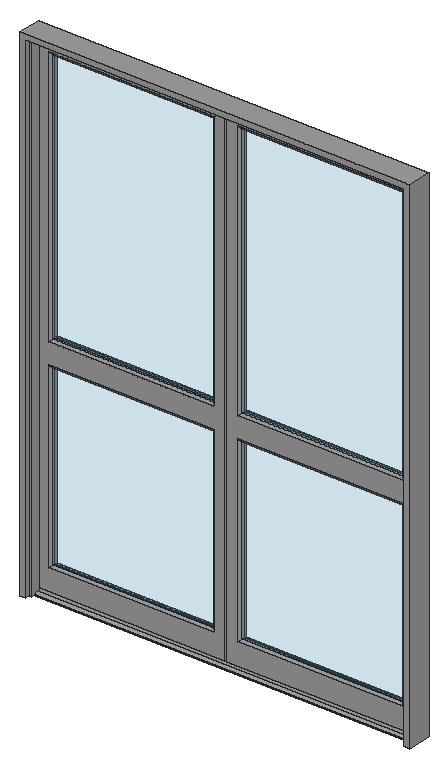
Revit family "NS-212 DOOR-Double-VIP-0.25-CW_v04", category Curtain Panels, Revit 2015
Parameters
  Width [instance] = 5' - 6"
  VIP2 Panic Devices [instance] = not(VIP1 Panic Devices)  # yes
  URL = "obe.com"
  Rough Width [instance] = 6' - 0"
  Panel Width [instance] = Min Panel Width  # 6' - 0"
  Panel Offset [instance] = 0' - 0"
  Offset [instance] = 0' - 0"
  Model = "NS-212 DOOR"
  Min Rough Width [instance] = if(Rough Width > 6' 1 255/256", Rough Width, 6' 2")  # 6' - 2"
  Min Panel Width [instance] = if(Rough Width > 6' 1 255/256", Rough Width - 0' 2", 6' 0")  # 6' - 0"
  Manufacturer = "Oldcastle BuildingEnvelope®"
  Keynote = "08 11 00"
  Hinge [instance] = yes
  Height [instance] = 8' - 0"
  Pushbar Height [instance] = 3' - 5 1/4"  # constant formula
  Glass Material = Glass
  Frame Material = Aluminum
  Door Panel Height [instance] = Height - 0' 0 5/8"  # 7' - 11 3/8"
  Description = "NS-212 - 1/4\" Door Infill"
  Assembly Code = "B2030"
  Analytic Construction = "<None>"
  VIP1 Panic Devices [instance] = no
  6.5 Bottom Rail [instance] = not([4 Bottom Rail])  # no
  4 Bottom Rail [instance] = yes
Reference planes (in)
  plane 1 "Front": y = 0
  plane 2: z = 0
  plane 3 "Center (Left/Right)": x = 0
  plane 4 "Left": x = -33
  plane 5 "Right": x = 33
  plane 6 "Top": z = 96
  plane 7 "Offset": y = 0
  plane 8: y = -1.28244
  plane 9: y = -1.28244
  plane 10: x = -37
  plane 11: x = 37
Forms (in)
  Sweep 1, solid, material "Aluminum" <- "Frame Material"
    path origin (0, 0, 0) x (-1, 0, 0) y (0, 0, 1)
      loop
        line (37, 0) -> (37, 96)
    profile origin (-37, 0, 48) x (1, 0, 0) y (0, 1, 0)
      loop
        line (1, -1.97) -> (1, 0) -> (0, 0) -> (0, -4.5) -> (1, -4.5) -> (1, -3.595) -> (1.5, -3.595) -> (1.5, -1.97) -> (1, -1.97)
  Sweep 2, solid, material "Aluminum" <- "Frame Material"
    path origin (0, 0, 0) x (-1, 0, 0) y (0, 0, 1)
      loop
        line (-37, 0) -> (-37, 96)
    profile origin (37, 0, 48) x (1, 0, 0) y (0, 1, 0)
      loop
        line (-1, -1.97) -> (-1.5, -1.97) -> (-1.5, -3.595) -> (-1, -3.595) -> (-1, -4.5) -> (0, -4.5) -> (0, 0) -> (-1, 0) -> (-1, -1.97)
  Extrusion 3, solid, material "Aluminum" <- "Frame Material"
    sketch origin (-33, 0, 0) x (0, -1, 0) y (0, 0, 1)
      loop
        line (1.97, 94.5) -> (3.595, 94.5) -> (3.595, 95) -> (4.5, 95) -> (4.5, 96) -> (0, 96) -> (0, 95) -> (1.97, 95) -> (1.97, 94.5)
    from -70 to 4
Cuts and joins
  joined: Sweep 1, Sweep 2, Extrusion 3
Text (in)
  text "Exterior" at (-54.29358, 31.38743, 0), in view "Ref. Level"
  text "Exterior" at (480, 41.53993, 89.60405), in view "Right"
  text "Exterior" at (-240, 57.82419, 105.78864), in view "Left"
Dimensions and locks (in)
  equal spacing: plane 4 "Left", plane 3 "Center (Left/Right)", plane 5 "Right"
  "Width": plane 4 "Left" to plane 5 "Right"
  "Height": plane 6 "Top" to plane 2
  "Offset": plane 1 "Front" to plane 7 "Offset"
  locked: plane 7 "Offset" to plane 8 at 1.28244
  locked: plane 7 "Offset" to plane 9 at 1.28244
  Extrusion 3 sketch curve to Extrusion 3 sketch curve to Extrusion 3 sketch curve = 0' - 0 1/2" locked, 0' - 0" locked
  Extrusion 3 sketch curve to Extrusion 3 sketch curve to Extrusion 3 sketch curve to Extrusion 3 sketch curve = 0' - 1.97" locked, 0' - 1 5/8" locked, 0' - 0.905" locked
  equal spacing: plane 10, plane 3 "Center (Left/Right)", plane 11
  "Min Rough Width": plane 10 to plane 11
  aligned and locked: level to plane 2
  aligned and locked: plane 6 "Top" to Sweep 1 sketch curve
  aligned and locked: level to Sweep 1 sketch curve
  aligned and locked: plane 6 "Top" to Sweep 2 sketch curve
  aligned and locked: level to Sweep 2 sketch curve
  aligned and locked: Extrusion 3 to plane 6 "Top"
  aligned and locked: Extrusion 3 sketch curve to plane 6 "Top"
  aligned and locked: plane 3 "Center (Left/Right)" to nested 1
  aligned and locked: nested 1 to plane 7 "Offset"
  aligned and locked: Sweep 1 sketch curve to plane 10
  aligned and locked: plane 11 to Sweep 2 sketch curve
  aligned and locked: cut or joined group of Sweep 1, Sweep 2, Extrusion 3 to plane 11
  aligned and locked: cut or joined group of Sweep 1, Sweep 2, Extrusion 3 to plane 10
Automatic sketch dimensions
  Sweep 1 sketch curve to profile plane = 0' - 0"
  Sweep 1 sketch curve to plane 7 "Offset" = 0' - 0"
  Sweep 1 sketch curve to profile plane = 0' - 1"  (x2)
  Sweep 1 sketch curve to Sweep 1 sketch curve = 0' - 0 1/2"
  Sweep 1 sketch curve to plane 7 "Offset" = 0' - 1.97"
  Sweep 1 sketch curve to Sweep 1 sketch curve = 0' - 1 5/8"
  Sweep 1 sketch curve to Sweep 1 sketch curve = 0' - 0.905"
  Sweep 2 sketch curve to plane 7 "Offset" = 0' - 0"
  Sweep 2 sketch curve to profile plane = 0' - 0"
  profile plane to Sweep 2 sketch curve = 0' - 1"  (x2)
  Sweep 2 sketch curve to Sweep 2 sketch curve = 0' - 0 1/2"
  Sweep 2 sketch curve to plane 7 "Offset" = 0' - 1.97"
  Sweep 2 sketch curve to Sweep 2 sketch curve = 0' - 1 5/8"
  Sweep 2 sketch curve to Sweep 2 sketch curve = 0' - 0.905"
  Extrusion 3 sketch curve to plane 7 "Offset" = 0' - 0"
  plane 6 "Top" to Extrusion 3 sketch curve = 0' - 1"
Nested families (in)
  nested 1: "NS-212 DOOR-Double-VIP-0.25-Panel_v03" at (0, -13, 0), Height <- "Door Panel Height", 4 Bottom Rail <- "4 Bottom Rail", Hinge <- "Hinge", Frame Material <- "Frame Material", Glass Material <- "Glass Material", Width <- "Min Panel Width", VIP1 Panic Devices <- "VIP1 Panic Devices", Offset <- "Panel Offset", type "NS-212 DOOR-Double-VIP-0.25-Panel_v03"
    with Wing Width 3' - 0", built-in parameter 1001301 6' - 0", VIP2 Panic Devices yes, VIP1 Panic Devices no, Pushbar Height 3' - 5 1/4", Offset 0' - 0", Hinge yes, built-in parameter 1001300 7' - 11 3/8", Glass at Muntin 0' - 4 9/16", Glass Material Glass, Frame Material Aluminum, Bottom Rail 0' - 4 31/32", 6.5 Bottom Rail no, 4 Bottom Rail yes
Definition of nested family "NS-212 DOOR-Double-VIP-0.25-Panel_v03"
  Parameters (values of type "NS-212 DOOR-Double-VIP-0.25-Panel_v03")
    Wing Width [instance] = Width / 2  # 3' - 0"
    Width [instance] = 6' - 0"
    VIP2 Panic Devices [instance] = not(VIP1 Panic Devices)  # yes
    VIP1 Panic Devices [instance] = no
    Offset [instance] = 0' - 9.9713"
    Hinge [instance] = yes
    Height [instance] = 8' - 0"
    Glass at Muntin [instance] = if(VIP1 Panic Devices, 0' 8 9/16", 0' 4 9/16")  # 0' - 4 9/16"
    Pushbar Height [instance] = 3' - 5 1/4"  # constant formula
    Glass Material [instance] = none
    Frame Material [instance] = none
    Bottom Rail [instance] = if([4 Bottom Rail], 0' 4 31/32", 0' 7 15/32")  # 0' - 4 31/32"
    6.5 Bottom Rail [instance] = not([4 Bottom Rail])  # no
    4 Bottom Rail [instance] = yes
  Reference planes (in)
    plane 1 "00": y = 2.0912
    plane 2: z = 0
    plane 3 "Center (Left/Right)": x = 0
    plane 4: z = 96
    plane 5: x = 36
    plane 6: x = -36
    plane 7 "Center (Front/Back)": y = 13
    plane 8 "Exterior": y = 2.2162
    plane 9: z = 48
    plane 10: z = 92.96875
    plane 11: z = 92.96875
    plane 12: z = 43.53125
    plane 13: z = 38.96875
    plane 14: z = 4.96875
    plane 15 "Offset": y = 3.0287
    plane 16: z = 41.25
    plane 17: z = 80.96875
  Forms (in)
    Sweep 1, solid, material <- "Frame Material"
      path origin (0, 2.0912, 0) x (1, 0, 0) y (0, 0, 1)
        loop
          line (-35.79321, 96) -> (-0.22004, 96)
      profile origin (-18.00662, 2.0912, 96) x (0, 0, 1) y (0, -1, 0)
        loop
          line (-0.5, -0.875) -> (-0.5, 0.875) -> (-2.74593, 0.875) -> (-3.25, 0.45204) -> (-3.25, 0.125) -> (-3.03125, 0.125) -> (-3.03125, -0.125) -> (-3.25, -0.125) -> (-3.25, -0.45204) -> (-2.74593, -0.875) -> (-0.5, -0.875)
    Sweep 2, solid, material <- "Frame Material"
      path origin (0, 2.0912, 0) x (1, 0, 0) y (0, 0, 1)
        loop
          line (-0.22004, 0) -> (-35.79321, 0)
      profile origin (-18.00662, 2.0912, 0) x (0, 0, -1) y (0, -1, 0)
        loop
          line (-4.68343, -0.875) -> (-0.6875, -0.875) -> (-0.6875, 0.875) -> (-4.68343, 0.875) -> (-5.1875, 0.45204) -> (-5.1875, 0.125) -> (-4.96875, 0.125) -> (-4.96875, -0.125) -> (-5.1875, -0.125) -> (-5.1875, -0.45204) -> (-4.68343, -0.875)
    Sweep 3, solid, material <- "Frame Material"
      path origin (0, 2.0912, 0) x (1, 0, 0) y (0, 0, 1)
        loop
          line (36, 95.5) -> (36, 0.6875)
      profile origin (36, 2.0912, 48.09375) x (0, -1, 0) y (1, 0, 0)
        loop
          line (-0.875, -0.08821) -> (-0.875, -2.20914) -> (-0.45204, -2.71321) -> (-0.125, -2.71321) -> (-0.125, -2.49446) -> (0.125, -2.49446) -> (0.125, -2.71321) -> (0.45204, -2.71321) -> (0.875, -2.20914) -> (0.875, -0.19721) -> (-0.875, -0.08821)
    Sweep 4, solid, material <- "Frame Material"
      path origin (0, 2.0912, 0) x (1, 0, 0) y (0, 0, 1)
        loop
          line (-36, 95.5) -> (-36, 0.6875)
      profile origin (-36, 2.0912, 48.09375) x (0, -1, 0) y (1, 0, 0)
        loop
          line (0.87496, 0.20679) -> (0.87496, 2.21872) -> (0.452, 2.72279) -> (0.12496, 2.72279) -> (0.12496, 2.50404) -> (-0.12504, 2.50404) -> (-0.12504, 2.72279) -> (-0.45208, 2.72279) -> (-0.87504, 2.21872) -> (-0.87504, 0.09779) -> (0.87496, 0.20679)
    Sweep 5, solid, material <- "Frame Material"
      path origin (0, 2.0912, 0) x (1, 0, 0) y (0, 0, 1)
        loop
          line (0, 95.5) -> (0, 0.6875)
      profile origin (0, 2.0912, 48.09375) x (0, -1, 0) y (1, 0, 0)
        loop
          line (-0.875, -0.22004) -> (-0.875, -2.18343) -> (-0.45204, -2.6875) -> (-0.125, -2.6875) -> (-0.125, -2.46875) -> (0.125, -2.46875) -> (0.125, -2.6875) -> (0.45204, -2.6875) -> (0.875, -2.18343) -> (0.875, -0.22004)
          arc (0.875, -0.22004) -> (0, -0.0625) -> (-0.875, -0.22004) r 2.50872
        loop
          arc (-0.875, 0.22004) -> (0, 0.0625) -> (0.875, 0.22004) r 2.50872
          line (0.875, 0.22004) -> (0.875, 2.18343) -> (0.45204, 2.6875) -> (0.125, 2.6875) -> (0.125, 2.46875) -> (-0.125, 2.46875) -> (-0.125, 2.6875) -> (-0.45204, 2.6875) -> (-0.875, 2.18343) -> (-0.875, 0.22004)
    Sweep 6, solid, material <- "Frame Material"
      path origin (0, 2.0912, 0) x (1, 0, 0) y (0, 0, 1)
        loop
          line (0.22004, 96) -> (35.80279, 96)
      profile origin (18.01141, 2.0912, 96) x (0, 0, 1) y (0, -1, 0)
        loop
          line (-0.5, -0.875) -> (-0.5, 0.875) -> (-2.74593, 0.875) -> (-3.25, 0.45204) -> (-3.25, 0.125) -> (-3.03125, 0.125) -> (-3.03125, -0.125) -> (-3.25, -0.125) -> (-3.25, -0.45204) -> (-2.74593, -0.875) -> (-0.5, -0.875)
    Sweep 7, solid, material <- "Frame Material"
      path origin (0, 2.0912, 0) x (1, 0, 0) y (0, 0, 1)
        loop
          line (35.80279, 48) -> (0.22004, 48)
      profile origin (18.01141, 2.0912, 48) x (0, 0, -1) y (0, -1, 0)
        loop
          line (4.25, 0.45204) -> (4.25, 0.125) -> (4.46875, 0.125) -> (4.46875, -0.125) -> (4.25, -0.125) -> (4.25, -0.45204) -> (4.75407, -0.875) -> (8.74593, -0.875) -> (9.25, -0.45204) -> (9.25, -0.125) -> (9.03125, -0.125) -> (9.03125, 0.125) -> (9.25, 0.125) -> (9.25, 0.45204) -> (8.74593, 0.875) -> (4.75407, 0.875) -> (4.25, 0.45204)
    Sweep 8, solid, material <- "Frame Material"
      path origin (0, 2.0912, 0) x (1, 0, 0) y (0, 0, 1)
        loop
          line (35.80279, 0) -> (0.22004, 0)
      profile origin (18.01141, 2.0912, 0) x (0, 0, -1) y (0, -1, 0)
        loop
          line (-4.68343, -0.875) -> (-0.6875, -0.875) -> (-0.6875, 0.875) -> (-4.68343, 0.875) -> (-5.1875, 0.45204) -> (-5.1875, 0.125) -> (-4.96875, 0.125) -> (-4.96875, -0.125) -> (-5.1875, -0.125) -> (-5.1875, -0.45204) -> (-4.68343, -0.875)
    Extrusion 9, solid, material <- "Glass Material"
      sketch origin (0, 0, 0) x (1, 0, 0) y (0, 1, 0)
        loop
          line (-33.49596, 2.2162) -> (-33.49596, 1.9662) -> (-2.46875, 1.9662) -> (-2.46875, 2.2162) -> (-33.49596, 2.2162)
      from 4.96875 to 38.96875
    Extrusion 10, solid, material <- "Glass Material"
      sketch origin (0, 0, 0) x (1, 0, 0) y (0, 1, 0)
        loop
          line (2.46875, 2.2162) -> (2.46875, 1.9662) -> (33.50554, 1.9662) -> (33.50554, 2.2162) -> (2.46875, 2.2162)
      from 4.96875 to 38.96875
    Extrusion 11, solid, material <- "Glass Material"
      sketch origin (0, 0, 0) x (1, 0, 0) y (0, 1, 0)
        loop
          line (-2.46875, 2.2162) -> (-33.49596, 2.2162) -> (-33.49596, 1.9662) -> (-2.46875, 1.9662) -> (-2.46875, 2.2162)
      from 43.53125 to 92.96875
    Extrusion 12, solid, material <- "Glass Material"
      sketch origin (0, 0, 0) x (1, 0, 0) y (0, 1, 0)
        loop
          line (33.50554, 2.2162) -> (2.46875, 2.2162) -> (2.46875, 1.9662) -> (33.50554, 1.9662) -> (33.50554, 2.2162)
      from 43.53125 to 92.96875
    Sweep 13, solid, material <- "Frame Material"
      path origin (0, 2.0912, 0) x (1, 0, 0) y (0, 0, 1)
        loop
          line (-0.22004, 48) -> (-35.79321, 48)
      profile origin (-18.00662, 2.0912, 48) x (0, 0, -1) y (0, -1, 0)
        loop
          line (4.25, 0.45204) -> (4.25, 0.125) -> (4.46875, 0.125) -> (4.46875, -0.125) -> (4.25, -0.125) -> (4.25, -0.45204) -> (4.75407, -0.875) -> (8.74593, -0.875) -> (9.25, -0.45204) -> (9.25, -0.125) -> (9.03125, -0.125) -> (9.03125, 0.125) -> (9.25, 0.125) -> (9.25, 0.45204) -> (8.74593, 0.875) -> (4.75407, 0.875) -> (4.25, 0.45204)
    Sweep 14, solid, material <- "Frame Material"
      path origin (0, 3.0287, 0) x (1, 0, 0) y (0, 0, 1)
        loop
          line (-35.79321, 0) -> (35.80279, 0)
      profile origin (0.00479, 3.0287, 0) x (0, 0, 1) y (0, -1, 0)
        loop
          line (0.5, -0.218) -> (0.5, 2.468) -> (0.19364, 3.125) -> (0, 3.125) -> (0, -0.875) -> (0.19364, -0.875) -> (0.5, -0.218)
  Cuts and joins
    joined: Sweep 1, Sweep 2, Sweep 3, Sweep 4, Sweep 5, Sweep 6, Sweep 7, Sweep 8, Sweep 13
  Lines and regions (in)
    model lines
      curve 1: line (0.22004, 2.2162, 95.5) -> (35.80279, 2.2162, 48)
      curve 2: line (35.80279, 2.2162, 48) -> (0.22004, 2.2162, 0.5)
      curve 3: line (-0.22004, 2.2162, 95.5) -> (-35.79321, 2.2162, 48)
      curve 4: line (-35.79321, 2.2162, 48) -> (-0.22004, 2.2162, 0.5)
  Dimensions and locks (in)
    "Height": plane 4 to level
    "Width": plane 6 to plane 5
    "Offset": plane 15 "Offset" to plane 7 "Center (Front/Back)"
    equal spacing: level, plane 9, plane 4
    locked: plane 3 "Center (Left/Right)" to Sweep 2 sketch curve at 0.22004
    locked: Sweep 3 sketch curve to plane 4 at 0.5
    locked: Sweep 4 sketch curve to plane 4 at 0.5
    locked: plane 3 "Center (Left/Right)" to Sweep 1 sketch curve at 0.22004
    "Bottom Rail": Sweep 2 sketch curve to level
    Sweep 2 sketch curve to Sweep 2 sketch curve to Sweep 2 sketch curve to Sweep 2 sketch curve to Sweep 2 sketch curve = 0' - 0" locked, 0' - 0 7/32" locked, 0' - 0.28532" locked, 0' - 0" locked
    locked: Sweep 6 sketch curve to plane 3 "Center (Left/Right)" at 0.22004
    locked: Sweep 7 sketch curve to plane 3 "Center (Left/Right)" at 0.22004
    locked: Sweep 8 sketch curve to plane 3 "Center (Left/Right)" at 0.22004
    locked: plane 10 to plane 4 at 3.03125
    "Bottom Rail": level to Extrusion 9
    Extrusion 10 sketch curve to plane 1 "00" to Extrusion 10 sketch curve = 0' - 0 1/8" locked, 0' - 0 1/8" locked
    locked: plane 3 "Center (Left/Right)" to Extrusion 10 sketch curve at 2.46875
    Extrusion 9 sketch curve to plane 1 "00" to Extrusion 9 sketch curve = 0' - 0 1/8" locked, 0' - 0 1/8" locked
    Extrusion 11 sketch curve to plane 1 "00" to Extrusion 11 sketch curve = 0' - 0 1/8" locked, 0' - 0 1/8" locked
    Extrusion 12 sketch curve to plane 1 "00" to Extrusion 12 sketch curve = 0' - 0 1/8" locked, 0' - 0 1/8" locked
    locked: plane 3 "Center (Left/Right)" to Extrusion 12 sketch curve at 2.46875
    Extrusion 9 sketch curve to plane 3 "Center (Left/Right)" = 0' - 2 15/32"
    locked: Extrusion 11 sketch curve to plane 3 "Center (Left/Right)" at 2.46875
    locked: Sweep 1 sketch curve to plane 6 at 0.20679
    locked: plane 5 to Sweep 6 sketch curve at 0.19721
    locked: plane 4 to Sweep 5 sketch curve at 0.5
    locked: plane 5 to Sweep 7 sketch curve at 0.19721
    locked: Sweep 2 sketch curve to plane 6 at 0.20679
    locked: plane 5 to Sweep 8 sketch curve at 0.19721
    locked: Sweep 6 sketch curve to plane 11 at 0.28532  (x2)
    locked: plane 11 to Sweep 6 sketch curve at 0.21875  (x2)
    locked: plane 14 to Sweep 8 sketch curve at 0.28532  (x2)
    locked: Sweep 8 sketch curve to plane 14 at 0.21875  (x2)
    locked: plane 4 to plane 11 at 3.03125
    equal spacing: plane 6, plane 3 "Center (Left/Right)", plane 5
    plane 1 "00" to plane 8 "Exterior" to plane 15 "Offset" = 0' - 0 1/8" locked, 0' - 0 13/16" locked
    locked: Sweep 13 sketch curve to plane 6 at 0.20679
    locked: plane 3 "Center (Left/Right)" to Sweep 13 sketch curve at 0.22004
    Sweep 7 sketch curve to plane 12 to Sweep 7 sketch curve = 0' - 0 7/32" locked, 0' - 0.28532" locked  (x2)
    Sweep 7 sketch curve to plane 13 to Sweep 7 sketch curve = 0' - 0.28532" locked, 0' - 0 7/32" locked  (x2)
    Sweep 13 sketch curve to plane 13 to Sweep 13 sketch curve = 0' - 0.28532" locked, 0' - 0 7/32" locked  (x2)
    Sweep 13 sketch curve to plane 12 to Sweep 13 sketch curve = 0' - 0 7/32" locked, 0' - 0.28532" locked  (x2)
    equal spacing: plane 12, plane 16, plane 13
    "Glass at Muntin": plane 12 to plane 13
    "Pushbar Height": plane 16 to plane 2
    "Bottom Rail": plane 14 to level
    locked: plane 5 to Sweep 14 sketch curve at 0.19721
    locked: Sweep 14 sketch curve to plane 6 at 0.20679
    locked: Sweep 4 sketch curve to plane 2 at 0.6875
    locked: Sweep 5 sketch curve to plane 2 at 0.6875
    locked: Sweep 3 sketch curve to plane 2 at 0.6875
    aligned and locked: plane 2 to level
    aligned and locked: Sweep 1 sketch curve to plane 4
    aligned and locked: Sweep 2 sketch curve to level
    aligned and locked: plane 5 to Sweep 3 sketch curve
    aligned and locked: plane 6 to Sweep 4 sketch curve
    aligned and locked: plane 3 "Center (Left/Right)" to Sweep 5 sketch curve
    aligned and locked: plane 9 to curve 3
    aligned and locked: plane 9 to curve 1
    aligned and locked: Sweep 8 sketch curve to level
    aligned and locked: Sweep 7 sketch curve to plane 9
    aligned and locked: plane 4 to Sweep 6 sketch curve
    aligned and locked: Extrusion 12 to cut or joined group of Sweep 1, Sweep 2, Sweep 3, Sweep 4, Sweep 5, Sweep 6, Sweep 7, Sweep 8, Sweep 13
    aligned and locked: plane 11 to Extrusion 12
    aligned and locked: plane 13 to Extrusion 10
    aligned and locked: Extrusion 12 to plane 12
    aligned and locked: Extrusion 10 to plane 14
    aligned and locked: curve 3 to cut or joined group of Sweep 1, Sweep 2, Sweep 3, Sweep 4, Sweep 5, Sweep 6, Sweep 7, Sweep 8, Sweep 13
    aligned and locked: cut or joined group of Sweep 1, Sweep 2, Sweep 3, Sweep 4, Sweep 5, Sweep 6, Sweep 7, Sweep 8, Sweep 13 to curve 4
    aligned and locked: plane 9 to Sweep 13 sketch curve
    aligned and locked: plane 13 to Extrusion 9
    aligned and locked: Extrusion 11 to plane 12
    aligned and locked: plane 12 to Sweep 7 sketch curve
    aligned and locked: plane 13 to Sweep 7 sketch curve
    aligned and locked: plane 11 to Extrusion 11
    aligned and locked: Sweep 14 sketch curve to plane 2
  Automatic sketch dimensions
    plane 1 "00" to Sweep 1 sketch curve = 0' - 0 1/8"
    profile plane to Sweep 1 sketch curve = 0' - 3 1/4"
    Sweep 1 sketch curve to plane 1 "00" = 0' - 0.45204"
    Sweep 1 sketch curve to Sweep 1 sketch curve = 0' - 0"
    Sweep 1 sketch curve to Sweep 1 sketch curve = 0' - 0 7/32"
    plane 1 "00" to Sweep 1 sketch curve = 0' - 0 7/8"
    Sweep 1 sketch curve to Sweep 1 sketch curve = 0' - 0.50407"  (x2)
    profile plane to Sweep 1 sketch curve = 0' - 0 1/2"
    Sweep 1 sketch curve to plane 1 "00" = 0' - 0 7/8"
    Sweep 1 sketch curve to plane 1 "00" = 0' - 0 1/8"
    Sweep 1 sketch curve to Sweep 1 sketch curve = 0' - 0.32704"
    profile plane to Sweep 3 sketch curve = 0' - 0.08821"
    Sweep 3 sketch curve to plane 1 "00" = 0' - 0 7/8"
    Sweep 3 sketch curve to plane 1 "00" = 0' - 0.45204"
    Sweep 3 sketch curve to plane 1 "00" = 0' - 0 1/8"
    plane 1 "00" to Sweep 3 sketch curve = 0' - 0 1/8"
    Sweep 3 sketch curve to Sweep 3 sketch curve = 0' - 0.32704"
    profile plane to Sweep 3 sketch curve = 0' - 0.19721"
    plane 1 "00" to Sweep 3 sketch curve = 0' - 0 7/8"
    Sweep 3 sketch curve to Sweep 3 sketch curve = 0' - 2.12093"
    Sweep 3 sketch curve to Sweep 3 sketch curve = 0' - 0"
    Sweep 3 sketch curve to Sweep 3 sketch curve = 0' - 0.28532"
    Sweep 3 sketch curve to Sweep 3 sketch curve = 0' - 0 7/32"  (x2)
    Sweep 4 sketch curve to plane 1 "00" = 0' - 0.87504"
    Sweep 4 sketch curve to plane 1 "00" = 0' - 0.45208"
    Sweep 4 sketch curve to plane 1 "00" = 0' - 0.12504"
    plane 1 "00" to Sweep 4 sketch curve = 0' - 0.12496"
    Sweep 4 sketch curve to Sweep 4 sketch curve = 0' - 0.32704"
    Sweep 4 sketch curve to Sweep 4 sketch curve = 0' - 0.42296"
    Sweep 4 sketch curve to profile plane = 0' - 0.09779"
    Sweep 4 sketch curve to profile plane = 0' - 0.20679"
    Sweep 4 sketch curve to Sweep 4 sketch curve = 0' - 2.12093"
    Sweep 4 sketch curve to Sweep 4 sketch curve = 0' - 0"
    Sweep 4 sketch curve to Sweep 4 sketch curve = 0' - 0.28532"
    Sweep 4 sketch curve to Sweep 4 sketch curve = 0' - 0 7/32"  (x2)
    plane 1 "00" to Sweep 5 sketch curve = 0' - 0"  (x2)
    Sweep 5 sketch curve to plane 1 "00" = 0' - 0 1/8"  (x2)
    Sweep 5 sketch curve to Sweep 5 sketch curve = 0' - 0.32704"  (x4)
    Sweep 5 sketch curve to profile plane = 0' - 0.22004"
    Sweep 5 sketch curve to plane 1 "00" = 0' - 0 7/8"
    Sweep 5 sketch curve to Sweep 5 sketch curve = 0' - 0.42296"  (x3)
    plane 1 "00" to Sweep 5 sketch curve = 0' - 0 1/8"  (x2)
    profile plane to Sweep 5 sketch curve = 0' - 0.22004"
    Sweep 5 sketch curve to Sweep 5 sketch curve = 0' - 1.96339"  (x2)
    Sweep 5 sketch curve to Sweep 5 sketch curve = 0' - 0"  (x2)
    Sweep 5 sketch curve to Sweep 5 sketch curve = 0' - 0.28532"  (x2)
    Sweep 5 sketch curve to Sweep 5 sketch curve = 0' - 0.10247"  (x2)
    Sweep 5 sketch curve to Sweep 5 sketch curve = 0' - 0.11628"  (x4)
    Sweep 6 sketch curve to Sweep 6 sketch curve = 0' - 0 7/32"
    profile plane to Sweep 6 sketch curve = 0' - 0 1/2"
    Sweep 6 sketch curve to plane 1 "00" = 0' - 0 7/8"
    Sweep 6 sketch curve to plane 1 "00" = 0' - 0.45204"
    Sweep 6 sketch curve to plane 1 "00" = 0' - 0 1/8"
    plane 1 "00" to Sweep 6 sketch curve = 0' - 0 1/8"
    Sweep 6 sketch curve to Sweep 6 sketch curve = 0' - 0.32704"
    Sweep 6 sketch curve to Sweep 6 sketch curve = 0' - 0.42296"
    Sweep 7 sketch curve to profile plane = 0' - 0 7/8"
    Sweep 7 sketch curve to Sweep 7 sketch curve = 0' - 0.42296"  (x3)
    Sweep 7 sketch curve to Sweep 7 sketch curve = 0' - 0.32704"  (x4)
    Sweep 7 sketch curve to Sweep 7 sketch curve = 0' - 0 1/4"  (x2)
    Sweep 8 sketch curve to Sweep 8 sketch curve = 0' - 0 7/32"
    profile plane to Sweep 8 sketch curve = 0' - 0 11/16"
    Sweep 8 sketch curve to plane 1 "00" = 0' - 0.45204"
    Sweep 8 sketch curve to plane 1 "00" = 0' - 0 1/8"
    plane 1 "00" to Sweep 8 sketch curve = 0' - 0 1/8"
    Sweep 8 sketch curve to Sweep 8 sketch curve = 0' - 0.32704"
    Sweep 8 sketch curve to Sweep 8 sketch curve = 0' - 0.42296"
    plane 6 to Extrusion 9 sketch curve = 0' - 2.50404"
    Extrusion 10 sketch curve to plane 5 = 0' - 2.49446"
    plane 6 to Extrusion 11 sketch curve = 0' - 2.50404"
    Extrusion 12 sketch curve to plane 5 = 0' - 2.49446"
    plane 6 to curve 3 = 0' - 0.20679"
    curve 2 to plane 5 = 0' - 0.19721"
    plane 3 "Center (Left/Right)" to curve 2 = 0' - 0.22004"
    plane 3 "Center (Left/Right)" to curve 1 = 0' - 0.22004"
    level to curve 4 = 0' - 0 1/2"
    curve 2 to curve 4 = 0' - 0"
    curve 3 to plane 4 = 0' - 0 1/2"
    curve 1 to curve 3 = 0' - 0"
    Sweep 13 sketch curve to Sweep 13 sketch curve = 0' - 0 7/32"  (x2)
    profile plane to Sweep 13 sketch curve = 0' - 0 7/8"
    Sweep 13 sketch curve to Sweep 13 sketch curve = 0' - 0.42296"  (x3)
    Sweep 13 sketch curve to Sweep 13 sketch curve = 0' - 0.32704"  (x4)
    Sweep 13 sketch curve to Sweep 13 sketch curve = 0' - 0 1/4"  (x2)
    Sweep 8 sketch curve to Sweep 8 sketch curve = 0' - 1 3/4"
    Sweep 14 sketch curve to profile plane = 0' - 0.19364"  (x2)
    Sweep 14 sketch curve to plane 15 "Offset" = 0' - 0 7/8"
    Sweep 14 sketch curve to plane 15 "Offset" = 0' - 0.218"
    Sweep 14 sketch curve to Sweep 14 sketch curve = 0' - 2.686"
    Sweep 14 sketch curve to Sweep 14 sketch curve = 0' - 0.657"
    Sweep 14 sketch curve to profile plane = 0' - 0"
    Sweep 14 sketch curve to profile plane = 0' - 0 1/2"
    profile plane to Sweep 2 sketch curve = 0' - 0 11/16"
    Sweep 2 sketch curve to plane 1 "00" = 0' - 0 7/8"
    Sweep 2 sketch curve to plane 1 "00" = 0' - 0.45204"
    Sweep 2 sketch curve to plane 1 "00" = 0' - 0 1/8"
    plane 1 "00" to Sweep 2 sketch curve = 0' - 0 1/8"
    Sweep 2 sketch curve to Sweep 2 sketch curve = 0' - 0.32704"
    Sweep 2 sketch curve to Sweep 2 sketch curve = 0' - 0.42296"
